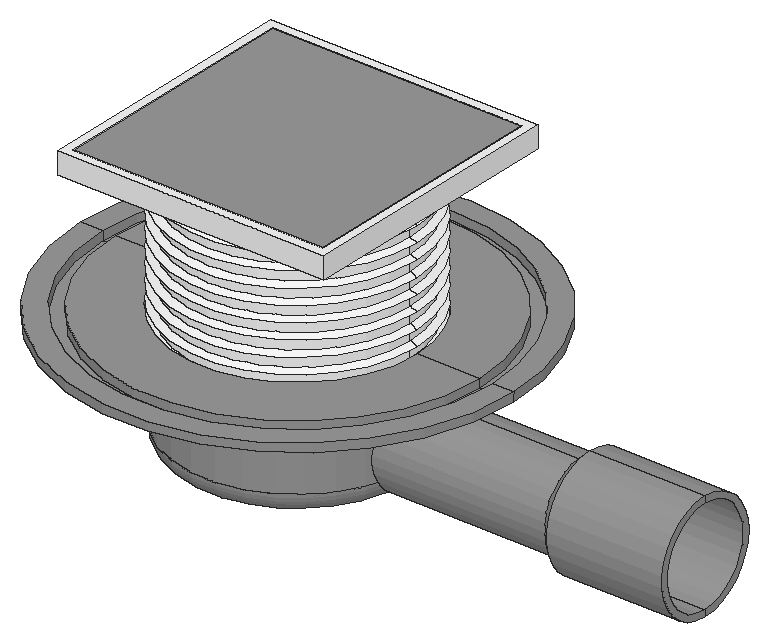
Revit family "HL_RU_Floor drain_HL90Prblue-B-221019", category Instalační zařizovací předměty, Revit 2021
Family settings
  Kóta kulaté spojky = Použít průměr
  Typ dílu = Normální
  Číslo OmniClass = 23.70.50.21.24.14
  Nadpis OmniClass = Deck Waste Water Drains
  Založené na pracovní rovině = Ne
  Vždy vertikální = Ano
  Ořezat dutým tvarem při načtení = Ne
  Sdílené = Ano
  Bod výpočtu místnosti = Ano
Parameters (values of type "HL90Prblue")
  РЕШЁТКА = "Edelstahl 115x115mm"
  РАЗМЕР = "DN40/50"
  ПРОПУСКНАЯ СПОСОБНОСТЬ = 0.43 L/s
  ПРОИЗВОДИТЕЛЬНОСТЬ = "0,43 l/s"
  ПРАВОВАЯ ИНФОРМАЦИЯ = "Авторские права(©), права на дизайн или какие либо другие права интелектуальной собственности являются исключительной собственностью компании HL Hutterer & Lechner. Изменению не подлежит. Файл семейства с данными о прозводителе изделия защищен паролем с водяным знаком."  # constant formula
  НОРМЫ = "EN 1253"
  НОМИНАЛЬНЫЙ ДИАМЕТР = 50 mm
  НАСАДКА = "12-70mm/123x123mm"
  МАТЕРИАЛ = "PP"
  МАКСИМАЛЬНАЯ НАГРУЗКА КЛАССА = "K3 - 300 kg"
  ВЫСОТА МОНТАЖА = "69 mm"
  ВЕС = "0,636 [kg]"
  Výchozí výška = 0 mm
  Přípoj ventilace = no
  Výrobce = "HL Hutterer & Lechner GmbH"  # constant formula
  URL = "https://www.hutterer-lechner.com/ru/Products/catalog/Floor-drains/horizontal/flange/HL90Prblue.aspx"
  Přípoj odpadních dílů = yes
  Přípoj HW = no
  Popis = "Трапы для внутренних помещений"
  Model = "HL90Prblue"
  Komentáře k typům = "Трап для внутренних помещений DN40/50 с горизонтальным выпуском, с \"СУХИМ\" сифоном Primus blue, 123х123/115х115мм"
  Keynote = "HL90Prblue"
  Высота монтажа [instance] = 129 mm
  EAN = "9003076050505"
  DN_test [instance] = if(or(НОМИНАЛЬНЫЙ ДИАМЕТР = 50 mm, НОМИНАЛЬНЫЙ ДИАМЕТР = 40 mm), 30 mm, 0 mm)  # 30 mm
  Přípoj CW = no
  C [instance] = if(НОМИНАЛЬНЫЙ ДИАМЕТР = 50 mm, 188 mm, 130 mm)  # 188 mm
  B [instance] = Высота монтажа - 22 mm  # 107 mm
  A [instance] = if(B - 100 mm > 15 mm, B - 100 mm, 15 mm)  # 15 mm
Reference planes
  plane 1 "Center (Front/Back)": y = 0
  plane 2: z = 0
  plane 3 "Center (Left/Right)": x = 0
  plane 4 "Ball Joint Vertical": x = 25.45
  plane 5: z = -129
  plane 6: z = -107
Lines and regions (mm)
  model lines, style "InvisibleLines"
    curve 1: line (0, 0, 0) -> (0, 0, 1000)
  reference lines
    curve 2: line (0, 0, -107) -> (188, 0, -107)
  model lines, detail levels coarse+medium
    curve 3: line (0, 0, -107) -> (0, 0, -92)
    curve 4: line (0, 0, -92) -> (92, 0, 0)
    curve 5: line (0, 0, -92) -> (-92, 0, 0)
    curve 23: line (0, 0, -107) -> (188, 0, -107)
  symbolic lines, detail levels coarse+medium
    curve 6: line (-75, 75, 0) -> (75, 75, 0)
    curve 7: line (-75, -75, 0) -> (-75, 75, 0)
    curve 8: line (75, -75, 0) -> (-75, -75, 0)
    curve 9: line (75, 75, 0) -> (75, -75, 0)
    curve 10: line (75, 75, 0) -> (145.711, 145.711, 0)
    curve 11: line (75, -75, 0) -> (145.711, -145.711, 0)
    curve 12: line (-75, 75, 0) -> (-145.711, 145.711, 0)
    curve 13: line (-75, -75, 0) -> (-145.711, -145.711, 0)
  symbolic lines, not visible, detail levels coarse+medium
    curve 14: line (-75, 75, 0) -> (75, 75, 0)
    curve 15: line (-75, -75, 0) -> (-75, 75, 0)
    curve 16: line (75, -75, 0) -> (-75, -75, 0)
    curve 17: line (75, 75, 0) -> (75, -75, 0)
    curve 18: line (75, 75, 0) -> (145.711, 145.711, 0)
    curve 19: line (75, -75, 0) -> (145.711, -145.711, 0)
    curve 20: line (-75, 75, 0) -> (-145.711, 145.711, 0)
    curve 21: line (-75, -75, 0) -> (-145.711, -145.711, 0)
  symbolic lines
    curve 22: line (0, 0, 0) -> (0, 0, -30)
Text (mm)
  text "ПОЛ" at (-221.985, 0, -17.055), in view "Drain Construction View"
Dimensions and locks
  locked: plane 4 "Ball Joint Vertical" to plane 3 "Center (Left/Right)" at 25.45
  "Высота монтажа": plane 2 to plane 5
  "A": curve 5 to plane 6
  "B": curve 5 to plane 6
  "B": curve 4 to plane 6
  "B": plane 2 to plane 6
  "DN_test": curve 22 to curve 22
  locked: nested 2 to plane 5 at 52
  "C": curve 2 to plane 3 "Center (Left/Right)"
  "C": curve 23 to plane 3 "Center (Left/Right)"
  locked: curve 4 to plane 3 "Center (Left/Right)" (angle 45.00°)
  locked: plane 3 "Center (Left/Right)" to curve 5 (angle 45.00°)
  aligned and locked: level to plane 2
  aligned and locked: plane 2 to curve 1
  aligned and locked: plane 3 "Center (Left/Right)" to curve 1
  aligned and locked: plane 3 "Center (Left/Right)" to curve 2
  aligned and locked: plane 3 "Center (Left/Right)" to curve 3
  aligned and locked: plane 3 "Center (Left/Right)" to curve 5
  aligned and locked: curve 23 to plane 6
Automatic sketch dimensions
  level to curve 1 = 1000 mm
  curve 2 to plane 6 = 0 mm
Nested families
  nested 1: "HL_Насадка_HL037N.2E" at (0, 0, 0), type "HL037N.2E_Main Component"
    with Высота монтажа 70 mm, RN 11, RL 71.5 mm, R yes, NL_Test yes, NL 90 mm
  nested 2: "HL-Корпус для трапа внутренних помещений-HL90K" at (0, 0, -70) x (-1, 0, 0) z (0, 0, 1), DN <- "НОМИНАЛЬНЫЙ ДИАМЕТР", type "HL90K_Main Component"
    with V 0 mm, DN 50 mm
  nested 3: "HL_Вкладыш сифона_HL090.5E" at (0, 0, -5.497), type "HL090.5E_Main Component"
  nested 4: "HL_Решётка_HL037Pr.1E" at (0, 0, 0), type "HL037Pr.1E_Main Component"
Connectors
  piping at (188, 0, -107), diameter 50, driven by "ПРОПУСКНАЯ СПОСОБНОСТЬ", driven by "НОМИНАЛЬНЫЙ ДИАМЕТР"
    settings: on curve 2, index 1, connector inside diameter 609.6 mm, connector length 0 mm, flow factor 0, pipe flow 0.43 L/s, pressure drop 0.0 Pa, fitting loss kfactor 0, connector angle 0.00°, fixture units 0, engagement length 0 mm, angle of deflection 0.00°, flow configuration 1, flow direction 2, fitting loss method 0, system type 16, joint type 0, gender type 0, connector reference index -1, connector utility 0, adjustable connector yes, is connector primary yes, connector description ""
Definition of nested family "HL_Насадка_HL037N.2E"
  Parameters
    РАЗМЕР = "d 110 mm"
    ПРАВОВАЯ ИНФОРМАЦИЯ = "Авторские права(©), права на дизайн или какие либо другие права интелектуальной собственности являются исключительной собственностью компании HL Hutterer & Lechner. Изменению не подлежит. Файл семейства с данными о прозводителе изделия защищен паролем с водяным знаком."  # constant formula
    НАСАДКА = "123x123mm"
    МАТЕРИАЛ = "PP"
    Высота монтажа [instance] = 70 mm
    ВЫСОТА МОНТАЖА = "12-70mm"
    ВЕС = "0,08 [kg]"
    Waste Connection = yes
    Default Elevation = 0 mm
    Vent Connection = no
    RD = 6.5 mm  # constant formula
    R [instance] = ((Высота монтажа - NL_Min) / RD - 1) > 2  # yes
    RL [instance] = if(Высота монтажа < 18 mm, 1 mm, RD * RN)  # 71.5 mm
    NL_Test [instance] = and(or(Высота монтажа < NL_Max, Высота монтажа = NL_Max), or(Высота монтажа > NL_Min, Высота монтажа = NL_Min))  # yes
    NL_Min = 12 mm
    NL_Max = 70 mm
    NL [instance] = if(NL_Test, Высота монтажа + 20 mm, 0 mm)  # 90 mm
    RN [instance] = if((Высота монтажа + 20 mm - NL_Min) / RD - 1 < 2, 2, (Высота монтажа + 20 mm - NL_Min) / RD - 1)  # 11
    Manufacturer = "HL Hutterer & Lechner GmbH"  # constant formula
    URL = "http://www.hutterer-lechner.com/ru/products/catalog/floor-drains/attachments/HL037pr.11e.aspx"
    HW Connection = no
    Description = "Трапы для внутренних помещений - Комплектующие"
    Model = "HL037N.2E"
    Type Comments = "HL037N.2E Насадные подрамники d 110мм/90мм/123х123мм с О-кольцом"
    Keynote = "HL037N.2E"
    EAN = "9003076015290"
    CW Connection = no
  Reference planes
    plane 1 "Center (Front/Back)": y = 0
    plane 2: z = 0
    plane 3 "Center (Left/Right)": x = 0
    plane 4 "Ball Joint Vertical": x = 25.45
    plane 5: z = -90
  Forms (mm)
    Extrusion 1, solid, detail levels fine
      sketch origin (0, 0, 0) x (1, 0, 0) y (0, 1, 0)
        loop
          line (-61.5, 61.5) -> (-61.5, -61.5) -> (61.5, -61.5) -> (61.5, 61.5) -> (-61.5, 61.5)
      from -10 to 0
    Extrusion 2, solid, detail levels fine
      sketch origin (0, 0, 0) x (1, 0, 0) y (0, 1, 0)
        loop
          circle (0, 0) r 51.744
      from -90 to -10
    Extrusion 3, void
      sketch origin (0, 0, 0) x (1, 0, 0) y (0, 1, 0)
        loop
          line (-57.5, 57.5) -> (-57.5, -57.5) -> (57.5, -57.5) -> (57.5, 57.5) -> (-57.5, 57.5)
      from 0 to -8
  Cuts and joins
    Extrusion 3 cuts Extrusion 1
  Lines and regions (mm)
    symbolic lines
      curve 1: line (0, 0, -90) -> (0, 0, 0)
    model lines
      curve 2: line (0, 0, 0) -> (0, 0, 100)
  Text (mm)
    text "ROOF/FLOOR" at (-198.233, 0, -26.556), in view "Drain Construction View"
  Dimensions and locks
    locked: plane 4 "Ball Joint Vertical" to plane 3 "Center (Left/Right)" at 25.45
    "NL": plane 2 to plane 5
    equal spacing: group 1, group 3, group 4, group 5, group 6, group 7, group 8, group 9, group 10, group 11, group 2  (x3)
    "RL": nested 2 to nested 1
    locked: nested 1 to plane 5 at 1.516
    aligned and locked: level to plane 2
    aligned and locked: plane 3 "Center (Left/Right)" to nested 1
    aligned and locked: plane 1 "Center (Front/Back)" to nested 1
    aligned and locked: plane 2 to curve 1
    aligned and locked: plane 5 to curve 1
    aligned and locked: Extrusion 2 to plane 5
  Automatic sketch dimensions
    Extrusion 1 sketch curve to plane 3 "Center (Left/Right)" = 61.5 mm
    plane 4 "Ball Joint Vertical" to Extrusion 1 sketch curve = 36.05 mm
    plane 1 "Center (Front/Back)" to Extrusion 1 sketch curve = 61.5 mm
    Extrusion 1 sketch curve to plane 1 "Center (Front/Back)" = 61.5 mm
    plane 1 "Center (Front/Back)" to Extrusion 2 sketch curve = 0 mm
    Extrusion 2 sketch curve to plane 3 "Center (Left/Right)" = 0 mm
    Extrusion 3 sketch curve to plane 3 "Center (Left/Right)" = 57.5 mm
    plane 4 "Ball Joint Vertical" to Extrusion 3 sketch curve = 32.05 mm
    plane 1 "Center (Front/Back)" to Extrusion 3 sketch curve = 57.5 mm
    Extrusion 3 sketch curve to plane 1 "Center (Front/Back)" = 57.5 mm
    curve 2 to plane 3 "Center (Left/Right)" = 0 mm
    level to curve 2 = 100 mm
    radius of Extrusion 2 sketch curve = 51.744 mm
  Nested families
    nested 1: "Ring" at (0, 0, -88.484), visible <- "R", type "Ring"
    nested 2: "Ring" at (0, 0, -16.984), visible <- "R", type "Ring"
    nested 3: "Ring" at (0, 0, -81.334), visible <- "R", type "Ring"
    nested 4: "Ring" at (0, 0, -74.184), visible <- "R", type "Ring"
    nested 5: "Ring" at (0, 0, -67.034), visible <- "R", type "Ring"
    nested 6: "Ring" at (0, 0, -59.884), visible <- "R", type "Ring"
    nested 7: "Ring" at (0, 0, -52.734), visible <- "R", type "Ring"
    nested 8: "Ring" at (0, 0, -45.584), visible <- "R", type "Ring"
    nested 9: "Ring" at (0, 0, -38.434), visible <- "R", type "Ring"
    nested 10: "Ring" at (0, 0, -31.284), visible <- "R", type "Ring"
    nested 11: "Ring" at (0, 0, -24.134), visible <- "R", type "Ring"
  Definition of nested family "Ring"
    Parameters (values of type "Ring")
      Manufacturer = ""
      Default Elevation = 0 mm
      URL = ""
      R = D / 2  # 51.5 mm
      Description = ""
      Model = ""
      Material = none
      Type Comments = ""
      D = 103 mm
      Cost = 0
    Reference planes
      plane 1 "Střed (vpředu/vzadu)": y = 0
      plane 2: z = 0
      plane 3 "Střed (vlevo/vpravo)": x = 0
    Forms (mm)
      Revolve 1, solid, material <- "Material", detail levels fine
        sketch origin (0, 0, 0) x (1, 0, 0) y (0, 0, 1)
          loop
            line (-51.5, 1.482) -> (-54.764, 0) -> (-51.5, -1.516) -> (-51.5, 1.482)
          axis (0, 1.482) -> (0, -1.516)
        angle from 0 to 360
    Dimensions and locks
      "R": Revolve 1 sketch curve to plane 3 "Střed (vlevo/vpravo)"
      aligned and locked: level to plane 2
      aligned and locked: Revolve 1 sketch curve to plane 3 "Střed (vlevo/vpravo)"
    Automatic sketch dimensions
      Revolve 1 sketch curve to level = 0 mm
      Revolve 1 sketch curve to Revolve 1 sketch curve = 3.264 mm
      Revolve 1 sketch curve to level = 1.516 mm
      level to Revolve 1 sketch curve = 1.482 mm
      Revolve 1 sketch curve to level = 381 mm
      Revolve 1 sketch curve to Revolve 1 sketch curve = 2212.833 mm
Definition of nested family "HL-Корпус для трапа внутренних помещений-HL90K"
  Parameters (values of type "HL90K_Main Component")
    РАЗМЕР = "DN40/50"
    ПРАВОВАЯ ИНФОРМАЦИЯ = "Авторские права(©), права на дизайн или какие либо другие права интелектуальной собственности являются исключительной собственностью компании HL Hutterer & Lechner. Изменению не подлежит. Файл семейства с данными о прозводителе изделия защищен паролем с водяным знаком."  # constant formula
    МАТЕРИАЛ = "PP"
    ВЫСОТА МОНТАЖА = "57 mm"
    ВЕС = "0,218 [kg]"
    Waste Connection = yes
    Default Elevation = 0 mm
    Vent Connection = no
    Manufacturer = "HL Hutterer & Lechner GmbH"  # constant formula
    V [instance] = if(DN = 40 mm, 58 mm, 0 mm)  # 0 mm
    URL = "http://www.hutterer-lechner.com/ru/Products/catalog/floor-drains/attachments/HL90K.aspx"
    Assembly Code = "Main Component"
    HW Connection = no
    Description = "Трапы для внутренних помещений - Комплектующие"
    Model = "HL90K"
    Type Comments = "Корпус трапа для балконов и террасс DN40/50 горизонтальный"
    Keynote = "HL90K"
    EAN = "9003076013395"
    DN [instance] = 50 mm
    CW Connection = no
  Reference planes
    plane 1 "Center (Front/Back)": y = 0
    plane 2: z = 0
    plane 3 "Center (Left/Right)": x = 0
    plane 4 "Ball Joint Vertical": x = 25.45
  Forms (mm)
    Revolve 1, solid, detail levels fine
      sketch origin (0, 0, 0) x (1, 0, 0) y (0, 0, 1)
        loop
          line (-188, -12) -> (-188, -15) -> (-136.243, -15) -> (-131.243, -20) -> (-41.649, -20) -> (-41.649, -17) -> (-130, -17) -> (-135, -12) -> (-188, -12)
        axis (-188, -37) -> (-41.649, -37)
      angle from 0 to 360
    Revolve 2, solid, detail levels fine
      sketch origin (0, 0, 0) x (1, 0, 0) y (0, 0, 1)
        loop
          line (100, -4) -> (100, 0) -> (90, 0) -> (90, -4) -> (84.001, -4) -> (84.001, 0) -> (55.35, 0) -> (55.35, -20) -> (51, -20) -> (51, -47)
          arc (51, -47) -> (48.95, -51.95) -> (44, -54) r 7
          line (44, -54) -> (0, -54) -> (0, -57) -> (44, -57)
          arc (44, -57) -> (51.071, -54.071) -> (54, -47) r 10
          line (54, -47) -> (54, -24.5) -> (58.5, -24.5) -> (58.5, -7) -> (93, -7) -> (93, -4) -> (100, -4)
        axis (0, 0) -> (0, -57)
      angle from 0 to 360
    Revolve 3, void
      sketch origin (0, 0, 0) x (1, 0, 0) y (0, 0, 1)
        loop
          line (26, -54) -> (44, -54)
          arc (44, -54) -> (48.95, -51.95) -> (51, -47) r 7
          line (51, -47) -> (51, -20) -> (55.35, -20) -> (55.35, -14.5) -> (41, -14.5) -> (41, -44) -> (26, -44) -> (26, -54)
        axis (0, -14.5) -> (0, -54)
      angle from 0 to 360
    Extrusion 4, void
      sketch origin (0, 0, 0) x (0, 1, 0) y (0, 0, 1)
        loop
          circle (0, -37) r 17
      from -36.616 to -121.62
    Extrusion 5, void
      sketch origin (-188, 0, -37) x (0, 0, -1) y (0, 1, 0)
        loop
          line (-37, 37.5) -> (-37, -37.5) -> (38, -37.5) -> (38, 37.5) -> (-37, 37.5)
      from -10 to 0 <- "V"
  Cuts and joins
    Revolve 3, Extrusion 4, Extrusion 5 cuts Revolve 1
    Revolve 3, Extrusion 4 cuts Revolve 2
  Lines and regions (mm)
    model lines, detail levels fine
      curve 1: line (18.25, 16.225, -54) -> (9.75, 16.225, -54)
      curve 2: line (15.625, 14.475, -54) -> (18.25, 14.475, -54)
      curve 3: line (9.75, 14.475, -54) -> (12.375, 14.475, -54)
      curve 4: line (12.375, 9.975, -54) -> (9.75, 9.975, -54)
      curve 5: line (18.25, 9.975, -54) -> (15.625, 9.975, -54)
      curve 6: line (9.75, 8.225, -54) -> (18.25, 8.225, -54)
      curve 7: line (14.875, 10.725, -54) -> (14.875, 13.725, -54)
      curve 8: line (13.125, 13.725, -54) -> (13.125, 10.725, -54)
      curve 9: line (18.25, 6.425, -54) -> (9.75, 6.425, -54)
      curve 10: line (11.5, 4.675, -54) -> (18.25, 4.675, -54)
      curve 11: line (10.75, 0.675, -54) -> (10.75, 3.925, -54)
      curve 12: line (9, 5.675, -54) -> (9, 0.675, -54)
      curve 13: line (18, -2.675, -54) -> (14.325, -2.675, -54)
      curve 14: line (19, -7.425, -54) -> (19, -3.675, -54)
      curve 15: line (10, -8.425, -54) -> (18, -8.425, -54)
      curve 16: line (10.75, -5.925, -54) -> (10.75, -3.425, -54)
      curve 17: line (9, -3.425, -54) -> (9, -7.425, -54)
      curve 18: line (12.575, -6.675, -54) -> (11.5, -6.675, -54)
      curve 19: line (13.325, -3.675, -54) -> (13.325, -5.925, -54)
      curve 20: line (11.5, -11.975, -54) -> (16.5, -11.975, -54)
      curve 21: line (10.75, -13.725, -54) -> (10.75, -12.725, -54)
      curve 22: line (16.5, -14.475, -54) -> (11.5, -14.475, -54)
      curve 23: line (17.25, -12.725, -54) -> (17.25, -13.725, -54)
      curve 24: line (19, -13.725, -54) -> (19, -12.725, -54)
      curve 25: line (16.5, -10.225, -54) -> (11.5, -10.225, -54)
      curve 26: line (9, -12.725, -54) -> (9, -13.725, -54)
      curve 27: line (11.5, -16.225, -54) -> (16.5, -16.225, -54)
      curve 28: arc (12.375, 14.475, -54) -> (12.905, 14.255, -54) -> (13.125, 13.725, -54) r 0.75
      curve 29: arc (14.875, 13.725, -54) -> (15.095, 14.255, -54) -> (15.625, 14.475, -54) r 0.75
      curve 30: arc (14.875, 10.725, -54) -> (15.095, 10.195, -54) -> (15.625, 9.975, -54) r 0.75
      curve 31: arc (13.125, 10.725, -54) -> (12.905, 10.195, -54) -> (12.375, 9.975, -54) r 0.75
      curve 32: arc (9.75, 6.425, -54) -> (9.22, 6.205, -54) -> (9, 5.675, -54) r 0.75
      curve 33: arc (11.5, 4.675, -54) -> (10.97, 4.455, -54) -> (10.75, 3.925, -54) r 0.75
      curve 34: arc (15.075, -5.175, -54) -> (15.295, -4.645, -54) -> (15.825, -4.425, -54) r 0.75
      curve 35: arc (16.5, -4.425, -54) -> (17.03, -4.645, -54) -> (17.25, -5.175, -54) r 0.75
      curve 36: arc (17.25, -5.925, -54) -> (17.03, -6.455, -54) -> (16.5, -6.675, -54) r 0.75
      curve 37: arc (15.825, -6.675, -54) -> (15.295, -6.455, -54) -> (15.075, -5.925, -54) r 0.75
      curve 38: arc (18, -8.425, -54) -> (18.707, -8.132, -54) -> (19, -7.425, -54) r 1
      curve 39: arc (19, -3.675, -54) -> (18.707, -2.968, -54) -> (18, -2.675, -54) r 1
      curve 40: arc (14.325, -2.675, -54) -> (13.618, -2.968, -54) -> (13.325, -3.675, -54) r 1
      curve 41: arc (12.575, -6.675, -54) -> (13.105, -6.455, -54) -> (13.325, -5.925, -54) r 0.75
      curve 42: arc (11.5, -6.675, -54) -> (10.97, -6.455, -54) -> (10.75, -5.925, -54) r 0.75
      curve 43: arc (9, -7.425, -54) -> (9.293, -8.132, -54) -> (10, -8.425, -54) r 1
      curve 44: arc (16.5, -10.225, -54) -> (18.268, -10.957, -54) -> (19, -12.725, -54) r 2.5
      curve 45: arc (11.5, -10.225, -54) -> (9.732, -10.957, -54) -> (9, -12.725, -54) r 2.5
      curve 46: arc (9, -13.725, -54) -> (9.732, -15.493, -54) -> (11.5, -16.225, -54) r 2.5
      curve 47: arc (11.5, -14.475, -54) -> (10.97, -14.255, -54) -> (10.75, -13.725, -54) r 0.75
      curve 48: arc (10.75, -12.725, -54) -> (10.97, -12.195, -54) -> (11.5, -11.975, -54) r 0.75
      curve 49: arc (16.5, -11.975, -54) -> (17.03, -12.195, -54) -> (17.25, -12.725, -54) r 0.75
      curve 50: arc (17.25, -13.725, -54) -> (17.03, -14.255, -54) -> (16.5, -14.475, -54) r 0.75
      curve 51: arc (16.5, -16.225, -54) -> (18.268, -15.493, -54) -> (19, -13.725, -54) r 2.5
      curve 52: line (19, 15.225, -54) -> (19, 15.475, -54)
      curve 53: arc (18.25, 16.225, -54) -> (18.78, 16.005, -54) -> (19, 15.475, -54) r 0.75
      curve 54: arc (19, 15.225, -54) -> (18.78, 14.695, -54) -> (18.25, 14.475, -54) r 0.75
      curve 55: line (9, 15.225, -54) -> (9, 15.475, -54)
      curve 56: arc (9.75, 16.225, -54) -> (9.22, 16.005, -54) -> (9, 15.475, -54) r 0.75
      curve 57: arc (9, 15.225, -54) -> (9.22, 14.695, -54) -> (9.75, 14.475, -54) r 0.75
      curve 58: line (19, 9.225, -54) -> (19, 8.975, -54)
      curve 59: arc (18.25, 8.225, -54) -> (18.78, 8.445, -54) -> (19, 8.975, -54) r 0.75
      curve 60: arc (19, 9.225, -54) -> (18.78, 9.755, -54) -> (18.25, 9.975, -54) r 0.75
      curve 61: line (9, 9.225, -54) -> (9, 8.975, -54)
      curve 62: arc (9.75, 8.225, -54) -> (9.22, 8.445, -54) -> (9, 8.975, -54) r 0.75
      curve 63: arc (9, 9.225, -54) -> (9.22, 9.755, -54) -> (9.75, 9.975, -54) r 0.75
      curve 64: line (19, 5.675, -54) -> (19, 5.425, -54)
      curve 65: arc (18.25, 4.675, -54) -> (18.78, 4.895, -54) -> (19, 5.425, -54) r 0.75
      curve 66: arc (19, 5.675, -54) -> (18.78, 6.205, -54) -> (18.25, 6.425, -54) r 0.75
      curve 67: line (9.75, -0.075, -54) -> (10, -0.075, -54)
      curve 68: arc (9, 0.675, -54) -> (9.22, 0.145, -54) -> (9.75, -0.075, -54) r 0.75
      curve 69: arc (10, -0.075, -54) -> (10.53, 0.145, -54) -> (10.75, 0.675, -54) r 0.75
      curve 70: line (15.825, -4.425, -54) -> (16.5, -4.425, -54)
      curve 71: line (17.25, -5.175, -54) -> (17.25, -5.925, -54)
      curve 72: line (16.5, -6.675, -54) -> (15.825, -6.675, -54)
      curve 73: line (15.075, -5.925, -54) -> (15.075, -5.175, -54)
      curve 74: line (10, -2.675, -54) -> (9.75, -2.675, -54)
      curve 75: arc (9, -3.425, -54) -> (9.22, -2.895, -54) -> (9.75, -2.675, -54) r 0.75
      curve 76: arc (10, -2.675, -54) -> (10.53, -2.895, -54) -> (10.75, -3.425, -54) r 0.75
  Text (mm)
    text "ROOF/FLOOR" at (-198.233, 0, -26.556), in view "Drain Construction View"
  Dimensions and locks
    locked: plane 4 "Ball Joint Vertical" to plane 3 "Center (Left/Right)" at 25.45
    aligned and locked: level to plane 2
Definition of nested family "HL_Вкладыш сифона_HL090.5E"
  Parameters (values of type "HL090.5E_Main Component")
    ПРАВОВАЯ ИНФОРМАЦИЯ = "Авторские права(©), права на дизайн или какие либо другие права интелектуальной собственности являются исключительной собственностью компании HL Hutterer & Lechner. Изменению не подлежит. Файл семейства с данными о прозводителе изделия защищен паролем с водяным знаком."  # constant formula
    МАТЕРИАЛ = "PC/ABS"
    ВЕС = "0,11 [kg]"
    Waste Connection = yes
    Default Elevation = 0 mm
    Vent Connection = no
    Manufacturer = "HL Hutterer & Lechner GmbH"  # constant formula
    URL = "https://www.hutterer-lechner.com/ru/Products/catalog/Floor-drains/attachments/HL090.5E.aspx"
    HW Connection = no
    Description = "Трапы для внутренних помещений - Комплектующие"
    Model = "HL090.5E"
    Type Comments = "СУХОЙ сифон Primus blue"
    Keynote = "HL090.5E"
    EAN = "9003076050567"
    CW Connection = no
  Reference planes
    plane 1 "Center (Front/Back)": y = 0
    plane 2: z = 0
    plane 3 "Center (Left/Right)": x = 0
    plane 4 "Ball Joint Vertical": x = 25.45
  Forms (mm)
    Revolve 1, solid, detail levels fine
      sketch origin (0, 0, 0) x (0, 1, 0) y (0, 0, 1)
        loop
          line (-44.7, 0) -> (-53, 0) -> (-53, -2) -> (-49.228, -2) -> (-49.228, -13.214) -> (-46.721, -13.214) -> (-46.721, -20.152) -> (0, -20.152) -> (0, -18.268) -> (-32.15, -18.268) -> (-44.7, -18.268) -> (-44.7, 0)
        axis (0, 0) -> (0, -20.152)
      angle from 0 to 360
    Extrusion 2, solid, detail levels fine
      sketch origin (0, 0, 0) x (1, 0, 0) y (0, 1, 0)
        loop
          line (34.626, 31.41) -> (-34.626, 31.41)
          arc (-34.626, 31.41) -> (-46.75, 0) -> (-34.626, -31.41) r 46.75
          line (-34.626, -31.41) -> (34.626, -31.41)
          arc (34.626, -31.41) -> (46.721, 0) -> (34.626, 31.41) r 46.834
      from -20.152 to -57
    Revolve 3, solid, detail levels fine
      sketch origin (0, 0, 0) x (0, 1, 0) y (0, 0, 1)
        loop
          arc (-49.228, -6.728) -> (-50.709, -8.655) -> (-49.228, -10.583) r 1.995
          line (-49.228, -10.583) -> (-49.228, -6.728)
        axis (0, -6.728) -> (0, -10.583)
      angle from 0 to 360
    Revolve 4, solid, detail levels fine
      sketch origin (0, 0, 0) x (0, 1, 0) y (0, 0, 1)
        loop
          line (0, -18.268) -> (0, 0) -> (-33.004, -1.346) -> (-33.004, -3.231) -> (-32.15, -3.231) -> (-32.15, -18.268) -> (0, -18.268)
        axis (0, 0) -> (0, -18.268)
      angle from 0 to 360
  Text (mm)
    text "ROOF/FLOOR" at (-198.233, 0, -26.556), in view "Drain Construction View"
  Dimensions and locks
    locked: plane 4 "Ball Joint Vertical" to plane 3 "Center (Left/Right)" at 25.45
    aligned and locked: level to plane 2
    aligned and locked: Extrusion 2 to Revolve 1
Definition of nested family "HL_Решётка_HL037Pr.1E"
  Parameters (values of type "HL037Pr.1E")
    РАЗМЕР = "115x115mm"
    ПРАВОВАЯ ИНФОРМАЦИЯ = "Авторские права(©), права на дизайн или какие либо другие права интелектуальной собственности являются исключительной собственностью компании HL Hutterer & Lechner. Изменению не подлежит. Файл семейства с данными о прозводителе изделия защищен паролем с водяным знаком."  # constant formula
    МАТЕРИАЛ = "V2A"
    МАКСИМАЛЬНАЯ НАГРУЗКА КЛАССА = "K3 - 300 kg"
    ВЕС = "0,15 [kg]"
    Waste Connection = yes
    Default Elevation = 0 mm
    Vent Connection = no
    Manufacturer = "HL Hutterer & Lechner GmbH"  # constant formula
    URL = "http://www.hutterer-lechner.com/ru/products/catalog/floor-drains/attachments/HL037pr.1e.aspx"
    HW Connection = no
    Description = "Трапы для внутренних помещений - Комплектующие"
    Model = "HL037Pr.1E"
    Type Comments = "HL037Pr.1E Решётка из нержавеющей стали 115х115 мм"
    Keynote = "HL037Pr.1E"
    EAN = "9003076028474"
    CW Connection = no
  Reference planes
    plane 1 "Center (Front/Back)": y = 0
    plane 2: z = 0
    plane 3 "Center (Left/Right)": x = 0
    plane 4 "Ball Joint Vertical": x = 25.45
  Forms (mm)
    Extrusion 1, solid, detail levels fine
      sketch origin (0, 0, 0) x (1, 0, 0) y (0, 1, 0)
        loop
          line (57.5, 57.5) -> (-57.5, 57.5) -> (-57.5, -57.5) -> (57.5, -57.5) -> (57.5, 57.5)
      from 0 to -5
  Lines and regions (mm)
    model lines, detail levels fine
      curve 1: spline (-13.927, 0, 0) -> (-13.452, 1.165, 0) -> (-12.061, 2.25, 0) -> (-9.848, 3.182, 0) -> (-6.964, 3.897, 0) -> (-3.605, 4.347, 0) -> (0, 4.5, 0) -> (3.605, 4.347, 0) -> (6.964, 3.897, 0) -> (9.848, 3.182, 0) -> (12.061, 2.25, 0) -> (13.452, 1.165, 0) -> (13.927, 0, 0) -> (13.452, -1.165, 0) -> (12.061, -2.25, 0) -> (9.848, -3.182, 0) -> (6.964, -3.897, 0) -> (3.605, -4.347, 0) -> (0, -4.5, 0) -> (-3.605, -4.347, 0) -> (-6.964, -3.897, 0) -> (-9.848, -3.182, 0) -> (-12.061, -2.25, 0) -> (-13.452, -1.165, 0) -> (-13.927, 0, 0)
      curve 2: line (-5.9, 0.4, 0) -> (-11.9, 0.4, 0)
      curve 3: line (-3.65, -2, 0) -> (-3.65, 2, 0)
      curve 4: arc (-3.65, 2, 0) -> (-3.15, 2.5, 0) -> (-2.65, 2, 0) r 0.5
      curve 5: line (-2.65, 2, 0) -> (-2.65, 0.5, 0)
      curve 6: line (-2.65, 0.5, 0) -> (-0.65, 0.5, 0)
      curve 7: line (-0.65, 0.5, 0) -> (-0.65, 2, 0)
      curve 8: arc (-0.65, 2, 0) -> (-0.15, 2.5, 0) -> (0.35, 2, 0) r 0.5
      curve 9: line (0.35, 2, 0) -> (0.35, -2, 0)
      curve 10: arc (0.35, -2, 0) -> (-0.15, -2.5, 0) -> (-0.65, -2, 0) r 0.5
      curve 11: line (-0.65, -2, 0) -> (-0.65, -0.5, 0)
      curve 12: line (-0.65, -0.5, 0) -> (-2.65, -0.5, 0)
      curve 13: line (-2.65, -0.5, 0) -> (-2.65, -2, 0)
      curve 14: arc (-2.65, -2, 0) -> (-3.15, -2.5, 0) -> (-3.65, -2, 0) r 0.5
      curve 15: line (1.85, -2, 0) -> (1.85, 2, 0)
      curve 16: arc (1.85, 2, 0) -> (1.996, 2.354, 0) -> (2.35, 2.5, 0) r 0.5
      curve 17: arc (2.35, 2.5, 0) -> (2.704, 2.354, 0) -> (2.85, 2, 0) r 0.5
      curve 18: line (2.85, 2, 0) -> (2.85, -1, 0)
      curve 19: arc (2.85, -1, 0) -> (2.996, -1.354, 0) -> (3.35, -1.5, 0) r 0.5
      curve 20: line (3.35, -1.5, 0) -> (4.35, -1.5, 0)
      curve 21: arc (4.35, -1.5, 0) -> (4.85, -2, 0) -> (4.35, -2.5, 0) r 0.5
      curve 22: line (4.35, -2.5, 0) -> (2.35, -2.5, 0)
      curve 23: arc (2.35, -2.5, 0) -> (1.996, -2.354, 0) -> (1.85, -2, 0) r 0.5
      curve 24: line (12.1, 0.4, 0) -> (6.1, 0.4, 0)
      curve 25: line (-5.9, -0.4, 0) -> (-11.9, -0.4, 0)
      curve 26: line (12.1, -0.4, 0) -> (6.1, -0.4, 0)
      curve 27: line (-5.9, 0.4, 0) -> (-5.9, -0.4, 0)
      curve 28: line (-11.9, 0.4, 0) -> (-11.9, -0.4, 0)
      curve 29: line (6.1, 0.4, 0) -> (6.1, -0.4, 0)
      curve 30: line (12.1, 0.4, 0) -> (12.1, -0.4, 0)
      curve 31: arc (38.029, -24.059, 0) -> (45, 0, 0) -> (38.029, 24.059, 0) r 45
      curve 32: arc (38.029, 24.059, 0) -> (35.09, 25.896, 0) -> (31.82, 24.749, 0) r 4
      curve 33: arc (31.82, 24.749, 0) -> (30.673, 22.362, 0) -> (31.268, 19.782, 0) r 4
      curve 34: arc (31.268, 19.782, 0) -> (37, 0, 0) -> (31.268, -19.782, 0) r 37
      curve 35: arc (31.268, -19.782, 0) -> (30.673, -22.362, 0) -> (31.82, -24.749, 0) r 4
      curve 36: arc (31.82, -24.749, 0) -> (35.09, -25.896, 0) -> (38.029, -24.059, 0) r 4
      curve 37: arc (24.059, 38.029, 0) -> (0, 45, 0) -> (-24.059, 38.029, 0) r 45
      curve 38: arc (-24.059, 38.029, 0) -> (-25.896, 35.09, 0) -> (-24.749, 31.82, 0) r 4
      curve 39: arc (-24.749, 31.82, 0) -> (-22.362, 30.673, 0) -> (-19.782, 31.268, 0) r 4
      curve 40: arc (-19.782, 31.268, 0) -> (0, 37, 0) -> (19.782, 31.268, 0) r 37
      curve 41: arc (19.782, 31.268, 0) -> (22.362, 30.673, 0) -> (24.749, 31.82, 0) r 4
      curve 42: arc (24.749, 31.82, 0) -> (25.896, 35.09, 0) -> (24.059, 38.029, 0) r 4
      curve 43: arc (24.059, -38.029, 0) -> (0, -45, 0) -> (-24.059, -38.029, 0) r 45
      curve 44: arc (-24.059, -38.029, 0) -> (-25.896, -35.09, 0) -> (-24.749, -31.82, 0) r 4
      curve 45: arc (-24.749, -31.82, 0) -> (-22.362, -30.673, 0) -> (-19.782, -31.268, 0) r 4
      curve 46: arc (-19.782, -31.268, 0) -> (0, -37, 0) -> (19.782, -31.268, 0) r 37
      curve 47: arc (19.782, -31.268, 0) -> (22.362, -30.673, 0) -> (24.749, -31.82, 0) r 4
      curve 48: arc (24.749, -31.82, 0) -> (25.896, -35.09, 0) -> (24.059, -38.029, 0) r 4
      curve 49: arc (-38.029, -24.059, 0) -> (-45, 0, 0) -> (-38.029, 24.059, 0) r 45
      curve 50: arc (-38.029, 24.059, 0) -> (-35.09, 25.896, 0) -> (-31.82, 24.749, 0) r 4
      curve 51: arc (-31.82, 24.749, 0) -> (-30.673, 22.362, 0) -> (-31.268, 19.782, 0) r 4
      curve 52: arc (-31.268, 19.782, 0) -> (-37, 0, 0) -> (-31.268, -19.782, 0) r 37
      curve 53: arc (-31.268, -19.782, 0) -> (-30.673, -22.362, 0) -> (-31.82, -24.749, 0) r 4
      curve 54: arc (-31.82, -24.749, 0) -> (-35.09, -25.896, 0) -> (-38.029, -24.059, 0) r 4
    model lines
      curve 55: line (0, 0, 0) -> (0, 0, 100)
  Text (mm)
    text "ROOF/FLOOR" at (-198.233, 0, -26.556), in view "Drain Construction View"
  Dimensions and locks
    locked: plane 4 "Ball Joint Vertical" to plane 3 "Center (Left/Right)" at 25.45
    aligned and locked: level to plane 2
